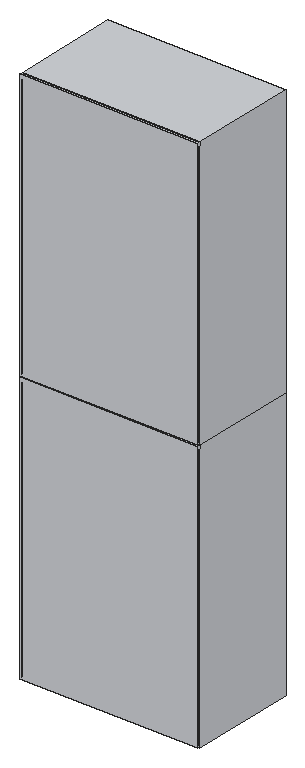
Revit family "LSN Configuration-A", category Electrical Equipment, host Face, Revit 2021 (continued)
Definition of nested family "LSN-1"
  Definition of nested family "Door"
    Lines and regions (in)
      model lines
        curve 486: line (-3.80498, -0.5, 38.43688) -> (-3.80498, -0.5, 41.43688)
        curve 487: line (-3.55498, -0.5, 38.43688) -> (-3.80498, -0.5, 38.43688)
        curve 488: line (-3.55498, -0.5, 41.43688) -> (-3.55498, -0.5, 38.43688)
        curve 489: line (-3.23866, -0.5, 41.43688) -> (-2.98866, -0.5, 41.43688)
        curve 490: line (-3.23866, -0.5, 38.43688) -> (-3.23866, -0.5, 41.43688)
        curve 491: line (-2.98866, -0.5, 38.43688) -> (-3.23866, -0.5, 38.43688)
        curve 492: line (-2.98866, -0.5, 41.43688) -> (-2.98866, -0.5, 38.43688)
        curve 493: line (-2.67233, -0.5, 41.43688) -> (-2.42233, -0.5, 41.43688)
        curve 494: line (-2.67233, -0.5, 38.43688) -> (-2.67233, -0.5, 41.43688)
        curve 495: line (-2.42233, -0.5, 38.43688) -> (-2.67233, -0.5, 38.43688)
        curve 496: line (-2.42233, -0.5, 41.43688) -> (-2.42233, -0.5, 38.43688)
        curve 497: line (-2.106, -0.5, 41.43688) -> (-1.856, -0.5, 41.43688)
        curve 498: line (-2.106, -0.5, 38.43688) -> (-2.106, -0.5, 41.43688)
        curve 499: line (-1.856, -0.5, 38.43688) -> (-2.106, -0.5, 38.43688)
        curve 500: line (-1.856, -0.5, 41.43688) -> (-1.856, -0.5, 38.43688)
        curve 501: line (-1.53968, -0.5, 41.43688) -> (-1.28968, -0.5, 41.43688)
        curve 502: line (-1.53968, -0.5, 38.43688) -> (-1.53968, -0.5, 41.43688)
        curve 503: line (-1.28968, -0.5, 38.43688) -> (-1.53968, -0.5, 38.43688)
        curve 504: line (-1.28968, -0.5, 41.43688) -> (-1.28968, -0.5, 38.43688)
        curve 505: line (-0.97335, -0.5, 41.43688) -> (-0.72335, -0.5, 41.43688)
        curve 506: line (-0.97335, -0.5, 38.43688) -> (-0.97335, -0.5, 41.43688)
        curve 507: line (-0.72335, -0.5, 38.43688) -> (-0.97335, -0.5, 38.43688)
        curve 508: line (-0.72335, -0.5, 41.43688) -> (-0.72335, -0.5, 38.43688)
        curve 509: line (-0.40702, -0.5, 41.43688) -> (-0.15702, -0.5, 41.43688)
        curve 510: line (-0.40702, -0.5, 38.43688) -> (-0.40702, -0.5, 41.43688)
        curve 511: line (-0.15702, -0.5, 38.43688) -> (-0.40702, -0.5, 38.43688)
        curve 512: line (-0.15702, -0.5, 41.43688) -> (-0.15702, -0.5, 38.43688)
        curve 513: line (0.1593, -0.5, 41.43688) -> (0.4093, -0.5, 41.43688)
        curve 514: line (0.1593, -0.5, 38.43688) -> (0.1593, -0.5, 41.43688)
        curve 515: line (0.4093, -0.5, 38.43688) -> (0.1593, -0.5, 38.43688)
        curve 516: line (0.4093, -0.5, 41.43688) -> (0.4093, -0.5, 38.43688)
        curve 517: line (0.72563, -0.5, 41.43688) -> (0.97563, -0.5, 41.43688)
        curve 518: line (0.72563, -0.5, 38.43688) -> (0.72563, -0.5, 41.43688)
        curve 519: line (0.97563, -0.5, 38.43688) -> (0.72563, -0.5, 38.43688)
        curve 520: line (0.97563, -0.5, 41.43688) -> (0.97563, -0.5, 38.43688)
        curve 521: line (1.29196, -0.5, 41.43688) -> (1.54196, -0.5, 41.43688)
        curve 522: line (1.29196, -0.5, 38.43688) -> (1.29196, -0.5, 41.43688)
        curve 523: line (1.54196, -0.5, 38.43688) -> (1.29196, -0.5, 38.43688)
        curve 524: line (1.54196, -0.5, 41.43688) -> (1.54196, -0.5, 38.43688)
        curve 525: line (1.85828, -0.5, 41.43688) -> (2.10828, -0.5, 41.43688)
        curve 526: line (1.85828, -0.5, 38.43688) -> (1.85828, -0.5, 41.43688)
        curve 527: line (2.10828, -0.5, 38.43688) -> (1.85828, -0.5, 38.43688)
        curve 528: line (2.10828, -0.5, 41.43688) -> (2.10828, -0.5, 38.43688)
        curve 529: line (2.42461, -0.5, 41.43688) -> (2.67461, -0.5, 41.43688)
        curve 530: line (2.42461, -0.5, 38.43688) -> (2.42461, -0.5, 41.43688)
        curve 531: line (2.67461, -0.5, 38.43688) -> (2.42461, -0.5, 38.43688)
        curve 532: line (2.67461, -0.5, 41.43688) -> (2.67461, -0.5, 38.43688)
        curve 533: line (2.99094, -0.5, 41.43688) -> (3.24094, -0.5, 41.43688)
        curve 534: line (2.99094, -0.5, 38.43688) -> (2.99094, -0.5, 41.43688)
        curve 535: line (3.24094, -0.5, 38.43688) -> (2.99094, -0.5, 38.43688)
        curve 536: line (3.24094, -0.5, 41.43688) -> (3.24094, -0.5, 38.43688)
        curve 537: line (3.55726, -0.5, 41.43688) -> (3.80726, -0.5, 41.43688)
        curve 538: line (3.55726, -0.5, 38.43688) -> (3.55726, -0.5, 41.43688)
        curve 539: line (3.80726, -0.5, 38.43688) -> (3.55726, -0.5, 38.43688)
        curve 540: line (3.80726, -0.5, 41.43688) -> (3.80726, -0.5, 38.43688)
        curve 541: line (4.12359, -0.5, 41.43688) -> (4.37359, -0.5, 41.43688)
        curve 542: line (4.12359, -0.5, 38.43688) -> (4.12359, -0.5, 41.43688)
        curve 543: line (4.37359, -0.5, 38.43688) -> (4.12359, -0.5, 38.43688)
        curve 544: line (4.37359, -0.5, 41.43688) -> (4.37359, -0.5, 38.43688)
        curve 545: line (4.68992, -0.5, 41.43688) -> (4.93992, -0.5, 41.43688)
        curve 546: line (4.68992, -0.5, 38.43688) -> (4.68992, -0.5, 41.43688)
        curve 547: line (4.93992, -0.5, 38.43688) -> (4.68992, -0.5, 38.43688)
        curve 548: line (4.93992, -0.5, 41.43688) -> (4.93992, -0.5, 38.43688)
        curve 549: line (5.25624, -0.5, 41.43688) -> (5.50624, -0.5, 41.43688)
        curve 550: line (5.25624, -0.5, 38.43688) -> (5.25624, -0.5, 41.43688)
        curve 551: line (5.50624, -0.5, 38.43688) -> (5.25624, -0.5, 38.43688)
        curve 552: line (5.50624, -0.5, 41.43688) -> (5.50624, -0.5, 38.43688)
        curve 553: line (5.82257, -0.5, 41.43688) -> (6.07257, -0.5, 41.43688)
        curve 554: line (5.82257, -0.5, 38.43688) -> (5.82257, -0.5, 41.43688)
        curve 555: line (6.07257, -0.5, 38.43688) -> (5.82257, -0.5, 38.43688)
        curve 556: line (6.07257, -0.5, 41.43688) -> (6.07257, -0.5, 38.43688)
        curve 557: line (6.3889, -0.5, 41.43688) -> (6.6389, -0.5, 41.43688)
        curve 558: line (6.3889, -0.5, 38.43688) -> (6.3889, -0.5, 41.43688)
        curve 559: line (6.6389, -0.5, 38.43688) -> (6.3889, -0.5, 38.43688)
        curve 560: line (6.6389, -0.5, 41.43688) -> (6.6389, -0.5, 38.43688)
        curve 561: line (6.95522, -0.5, 41.43688) -> (7.20522, -0.5, 41.43688)
        curve 562: line (6.95522, -0.5, 38.43688) -> (6.95522, -0.5, 41.43688)
        curve 563: line (7.20522, -0.5, 38.43688) -> (6.95522, -0.5, 38.43688)
        curve 564: line (7.20522, -0.5, 41.43688) -> (7.20522, -0.5, 38.43688)
        curve 565: line (7.52155, -0.5, 41.43688) -> (7.77155, -0.5, 41.43688)
        curve 566: line (7.52155, -0.5, 38.43688) -> (7.52155, -0.5, 41.43688)
        curve 567: line (7.77155, -0.5, 38.43688) -> (7.52155, -0.5, 38.43688)
        curve 568: line (7.77155, -0.5, 41.43688) -> (7.77155, -0.5, 38.43688)
        curve 569: line (8.08788, -0.5, 41.43688) -> (8.33788, -0.5, 41.43688)
        curve 570: line (8.08788, -0.5, 38.43688) -> (8.08788, -0.5, 41.43688)
        curve 571: line (8.33788, -0.5, 38.43688) -> (8.08788, -0.5, 38.43688)
        curve 572: line (8.33788, -0.5, 41.43688) -> (8.33788, -0.5, 38.43688)
        curve 573: line (8.6542, -0.5, 41.43688) -> (8.9042, -0.5, 41.43688)
        curve 574: line (8.6542, -0.5, 38.43688) -> (8.6542, -0.5, 41.43688)
        curve 575: line (8.9042, -0.5, 38.43688) -> (8.6542, -0.5, 38.43688)
        curve 576: line (8.9042, -0.5, 41.43688) -> (8.9042, -0.5, 38.43688)
        curve 577: line (9.22053, -0.5, 41.43688) -> (9.47053, -0.5, 41.43688)
        curve 578: line (9.22053, -0.5, 38.43688) -> (9.22053, -0.5, 41.43688)
        curve 579: line (9.47053, -0.5, 38.43688) -> (9.22053, -0.5, 38.43688)
        curve 580: line (9.47053, -0.5, 41.43688) -> (9.47053, -0.5, 38.43688)
        curve 581: line (9.78685, -0.5, 41.43688) -> (10.03685, -0.5, 41.43688)
        curve 582: line (9.78685, -0.5, 38.43688) -> (9.78685, -0.5, 41.43688)
        curve 583: line (10.03685, -0.5, 38.43688) -> (9.78685, -0.5, 38.43688)
        curve 584: line (10.03685, -0.5, 41.43688) -> (10.03685, -0.5, 38.43688)
        curve 585: line (10.35318, -0.5, 41.43688) -> (10.60318, -0.5, 41.43688)
        curve 586: line (10.35318, -0.5, 38.43688) -> (10.35318, -0.5, 41.43688)
        curve 587: line (10.60318, -0.5, 38.43688) -> (10.35318, -0.5, 38.43688)
        curve 588: line (10.60318, -0.5, 41.43688) -> (10.60318, -0.5, 38.43688)
        curve 589: line (10.91951, -0.5, 41.43688) -> (11.16951, -0.5, 41.43688)
        curve 590: line (10.91951, -0.5, 38.43688) -> (10.91951, -0.5, 41.43688)
        curve 591: line (11.16951, -0.5, 38.43688) -> (10.91951, -0.5, 38.43688)
        curve 592: line (11.16951, -0.5, 41.43688) -> (11.16951, -0.5, 38.43688)
        curve 593: line (11.48583, -0.5, 41.43688) -> (11.73583, -0.5, 41.43688)
        curve 594: line (11.48583, -0.5, 38.43688) -> (11.48583, -0.5, 41.43688)
        curve 595: line (11.73583, -0.5, 38.43688) -> (11.48583, -0.5, 38.43688)
        curve 596: line (11.73583, -0.5, 41.43688) -> (11.73583, -0.5, 38.43688)
        curve 597: line (12.05216, -0.5, 41.43688) -> (12.30216, -0.5, 41.43688)
        curve 598: line (12.05216, -0.5, 38.43688) -> (12.05216, -0.5, 41.43688)
        curve 599: line (12.30216, -0.5, 38.43688) -> (12.05216, -0.5, 38.43688)
        curve 600: line (12.30216, -0.5, 41.43688) -> (12.30216, -0.5, 38.43688)
        curve 601: line (12.61849, -0.5, 41.43688) -> (12.86849, -0.5, 41.43688)
        curve 602: line (12.61849, -0.5, 38.43688) -> (12.61849, -0.5, 41.43688)
        curve 603: line (12.86849, -0.5, 38.43688) -> (12.61849, -0.5, 38.43688)
        curve 604: line (12.86849, -0.5, 41.43688) -> (12.86849, -0.5, 38.43688)
        curve 605: line (13.18481, -0.5, 41.43688) -> (13.43481, -0.5, 41.43688)
        curve 606: line (13.18481, -0.5, 38.43688) -> (13.18481, -0.5, 41.43688)
        curve 607: line (13.43481, -0.5, 38.43688) -> (13.18481, -0.5, 38.43688)
        curve 608: line (13.43481, -0.5, 41.43688) -> (13.43481, -0.5, 38.43688)
        curve 609: line (-13.99886, -0.5, 44.81188) -> (-13.74886, -0.5, 44.81188)
        curve 610: line (-13.99886, -0.5, 41.81188) -> (-13.99886, -0.5, 44.81188)
        curve 611: line (-13.74886, -0.5, 41.81188) -> (-13.99886, -0.5, 41.81188)
        curve 612: line (-13.74886, -0.5, 44.81188) -> (-13.74886, -0.5, 41.81188)
        curve 613: line (13.75114, -0.5, 44.81188) -> (14.00114, -0.5, 44.81188)
        curve 614: line (13.75114, -0.5, 41.81188) -> (13.75114, -0.5, 44.81188)
        curve 615: line (14.00114, -0.5, 41.81188) -> (13.75114, -0.5, 41.81188)
        curve 616: line (14.00114, -0.5, 44.81188) -> (14.00114, -0.5, 41.81188)
        curve 617: line (-13.43253, -0.5, 44.81188) -> (-13.18253, -0.5, 44.81188)
        curve 618: line (-13.43253, -0.5, 41.81188) -> (-13.43253, -0.5, 44.81188)
        curve 619: line (-13.18253, -0.5, 41.81188) -> (-13.43253, -0.5, 41.81188)
        curve 620: line (-13.18253, -0.5, 44.81188) -> (-13.18253, -0.5, 41.81188)
        curve 621: line (-12.86621, -0.5, 44.81188) -> (-12.61621, -0.5, 44.81188)
        curve 622: line (-12.86621, -0.5, 41.81188) -> (-12.86621, -0.5, 44.81188)
        curve 623: line (-12.61621, -0.5, 41.81188) -> (-12.86621, -0.5, 41.81188)
        curve 624: line (-12.61621, -0.5, 44.81188) -> (-12.61621, -0.5, 41.81188)
        curve 625: line (-12.29988, -0.5, 44.81188) -> (-12.04988, -0.5, 44.81188)
        curve 626: line (-12.29988, -0.5, 41.81188) -> (-12.29988, -0.5, 44.81188)
        curve 627: line (-12.04988, -0.5, 41.81188) -> (-12.29988, -0.5, 41.81188)
        curve 628: line (-12.04988, -0.5, 44.81188) -> (-12.04988, -0.5, 41.81188)
        curve 629: line (-11.73355, -0.5, 44.81188) -> (-11.48355, -0.5, 44.81188)
        curve 630: line (-11.73355, -0.5, 41.81188) -> (-11.73355, -0.5, 44.81188)
        curve 631: line (-11.48355, -0.5, 41.81188) -> (-11.73355, -0.5, 41.81188)
        curve 632: line (-11.48355, -0.5, 44.81188) -> (-11.48355, -0.5, 41.81188)
        curve 633: line (-11.16723, -0.5, 44.81188) -> (-10.91723, -0.5, 44.81188)
        curve 634: line (-11.16723, -0.5, 41.81188) -> (-11.16723, -0.5, 44.81188)
        curve 635: line (-10.91723, -0.5, 41.81188) -> (-11.16723, -0.5, 41.81188)
        curve 636: line (-10.91723, -0.5, 44.81188) -> (-10.91723, -0.5, 41.81188)
        curve 637: line (-10.6009, -0.5, 44.81188) -> (-10.3509, -0.5, 44.81188)
        curve 638: line (-10.6009, -0.5, 41.81188) -> (-10.6009, -0.5, 44.81188)
        curve 639: line (-10.3509, -0.5, 41.81188) -> (-10.6009, -0.5, 41.81188)
        curve 640: line (-10.3509, -0.5, 44.81188) -> (-10.3509, -0.5, 41.81188)
        curve 641: line (-10.03457, -0.5, 44.81188) -> (-9.78457, -0.5, 44.81188)
        curve 642: line (-10.03457, -0.5, 41.81188) -> (-10.03457, -0.5, 44.81188)
        curve 643: line (-9.78457, -0.5, 41.81188) -> (-10.03457, -0.5, 41.81188)
        curve 644: line (-9.78457, -0.5, 44.81188) -> (-9.78457, -0.5, 41.81188)
        curve 645: line (-9.46825, -0.5, 44.81188) -> (-9.21825, -0.5, 44.81188)
        curve 646: line (-9.46825, -0.5, 41.81188) -> (-9.46825, -0.5, 44.81188)
        curve 647: line (-9.21825, -0.5, 41.81188) -> (-9.46825, -0.5, 41.81188)
        curve 648: line (-9.21825, -0.5, 44.81188) -> (-9.21825, -0.5, 41.81188)
        curve 649: line (-8.90192, -0.5, 44.81188) -> (-8.65192, -0.5, 44.81188)
        curve 650: line (-8.90192, -0.5, 41.81188) -> (-8.90192, -0.5, 44.81188)
        curve 651: line (-8.65192, -0.5, 41.81188) -> (-8.90192, -0.5, 41.81188)
        curve 652: line (-8.65192, -0.5, 44.81188) -> (-8.65192, -0.5, 41.81188)
        curve 653: line (-8.33559, -0.5, 44.81188) -> (-8.08559, -0.5, 44.81188)
        curve 654: line (-8.33559, -0.5, 41.81188) -> (-8.33559, -0.5, 44.81188)
        curve 655: line (-8.08559, -0.5, 41.81188) -> (-8.33559, -0.5, 41.81188)
        curve 656: line (-8.08559, -0.5, 44.81188) -> (-8.08559, -0.5, 41.81188)
        curve 657: line (-7.76927, -0.5, 44.81188) -> (-7.51927, -0.5, 44.81188)
        curve 658: line (-7.76927, -0.5, 41.81188) -> (-7.76927, -0.5, 44.81188)
        curve 659: line (-7.51927, -0.5, 41.81188) -> (-7.76927, -0.5, 41.81188)
        curve 660: line (-7.51927, -0.5, 44.81188) -> (-7.51927, -0.5, 41.81188)
        curve 661: line (-7.20294, -0.5, 44.81188) -> (-6.95294, -0.5, 44.81188)
        curve 662: line (-7.20294, -0.5, 41.81188) -> (-7.20294, -0.5, 44.81188)
        curve 663: line (-6.95294, -0.5, 41.81188) -> (-7.20294, -0.5, 41.81188)
        curve 664: line (-6.95294, -0.5, 44.81188) -> (-6.95294, -0.5, 41.81188)
        curve 665: line (-6.63661, -0.5, 44.81188) -> (-6.38661, -0.5, 44.81188)
        curve 666: line (-6.63661, -0.5, 41.81188) -> (-6.63661, -0.5, 44.81188)
        curve 667: line (-6.38661, -0.5, 41.81188) -> (-6.63661, -0.5, 41.81188)
        curve 668: line (-6.38661, -0.5, 44.81188) -> (-6.38661, -0.5, 41.81188)
        curve 669: line (-6.07029, -0.5, 44.81188) -> (-5.82029, -0.5, 44.81188)
        curve 670: line (-6.07029, -0.5, 41.81188) -> (-6.07029, -0.5, 44.81188)
        curve 671: line (-5.82029, -0.5, 41.81188) -> (-6.07029, -0.5, 41.81188)
        curve 672: line (-5.82029, -0.5, 44.81188) -> (-5.82029, -0.5, 41.81188)
        curve 673: line (-5.50396, -0.5, 44.81188) -> (-5.25396, -0.5, 44.81188)
        curve 674: line (-5.50396, -0.5, 41.81188) -> (-5.50396, -0.5, 44.81188)
        curve 675: line (-5.25396, -0.5, 41.81188) -> (-5.50396, -0.5, 41.81188)
        curve 676: line (-5.25396, -0.5, 44.81188) -> (-5.25396, -0.5, 41.81188)
        curve 677: line (-4.93764, -0.5, 44.81188) -> (-4.68764, -0.5, 44.81188)
        curve 678: line (-4.93764, -0.5, 41.81188) -> (-4.93764, -0.5, 44.81188)
        curve 679: line (-4.68764, -0.5, 41.81188) -> (-4.93764, -0.5, 41.81188)
        curve 680: line (-4.68764, -0.5, 44.81188) -> (-4.68764, -0.5, 41.81188)
        curve 681: line (-4.37131, -0.5, 44.81188) -> (-4.12131, -0.5, 44.81188)
        curve 682: line (-4.37131, -0.5, 41.81188) -> (-4.37131, -0.5, 44.81188)
        curve 683: line (-4.12131, -0.5, 41.81188) -> (-4.37131, -0.5, 41.81188)
        curve 684: line (-4.12131, -0.5, 44.81188) -> (-4.12131, -0.5, 41.81188)
        curve 685: line (-3.80498, -0.5, 44.81188) -> (-3.55498, -0.5, 44.81188)
        curve 686: line (-3.80498, -0.5, 41.81188) -> (-3.80498, -0.5, 44.81188)
        curve 687: line (-3.55498, -0.5, 41.81188) -> (-3.80498, -0.5, 41.81188)
        curve 688: line (-3.55498, -0.5, 44.81188) -> (-3.55498, -0.5, 41.81188)
        curve 689: line (-3.23866, -0.5, 44.81188) -> (-2.98866, -0.5, 44.81188)
        curve 690: line (-3.23866, -0.5, 41.81188) -> (-3.23866, -0.5, 44.81188)
        curve 691: line (-2.98866, -0.5, 41.81188) -> (-3.23866, -0.5, 41.81188)
        curve 692: line (-2.98866, -0.5, 44.81188) -> (-2.98866, -0.5, 41.81188)
        curve 693: line (-2.67233, -0.5, 44.81188) -> (-2.42233, -0.5, 44.81188)
        curve 694: line (-2.67233, -0.5, 41.81188) -> (-2.67233, -0.5, 44.81188)
        curve 695: line (-2.42233, -0.5, 41.81188) -> (-2.67233, -0.5, 41.81188)
        curve 696: line (-2.42233, -0.5, 44.81188) -> (-2.42233, -0.5, 41.81188)
        curve 697: line (-2.106, -0.5, 44.81188) -> (-1.856, -0.5, 44.81188)
        curve 698: line (-2.106, -0.5, 41.81188) -> (-2.106, -0.5, 44.81188)
        curve 699: line (-1.856, -0.5, 41.81188) -> (-2.106, -0.5, 41.81188)
        curve 700: line (-1.856, -0.5, 44.81188) -> (-1.856, -0.5, 41.81188)
        curve 701: line (-1.53968, -0.5, 44.81188) -> (-1.28968, -0.5, 44.81188)
        curve 702: line (-1.53968, -0.5, 41.81188) -> (-1.53968, -0.5, 44.81188)
        curve 703: line (-1.28968, -0.5, 41.81188) -> (-1.53968, -0.5, 41.81188)
        curve 704: line (-1.28968, -0.5, 44.81188) -> (-1.28968, -0.5, 41.81188)
        curve 705: line (-0.97335, -0.5, 44.81188) -> (-0.72335, -0.5, 44.81188)
        curve 706: line (-0.97335, -0.5, 41.81188) -> (-0.97335, -0.5, 44.81188)
        curve 707: line (-0.72335, -0.5, 41.81188) -> (-0.97335, -0.5, 41.81188)
        curve 708: line (-0.72335, -0.5, 44.81188) -> (-0.72335, -0.5, 41.81188)
        curve 709: line (-0.40702, -0.5, 44.81188) -> (-0.15702, -0.5, 44.81188)
        curve 710: line (-0.40702, -0.5, 41.81188) -> (-0.40702, -0.5, 44.81188)
        curve 711: line (-0.15702, -0.5, 41.81188) -> (-0.40702, -0.5, 41.81188)
        curve 712: line (-0.15702, -0.5, 44.81188) -> (-0.15702, -0.5, 41.81188)
        curve 713: line (0.1593, -0.5, 44.81188) -> (0.4093, -0.5, 44.81188)
        curve 714: line (0.1593, -0.5, 41.81188) -> (0.1593, -0.5, 44.81188)
        curve 715: line (0.4093, -0.5, 41.81188) -> (0.1593, -0.5, 41.81188)
        curve 716: line (0.4093, -0.5, 44.81188) -> (0.4093, -0.5, 41.81188)
        curve 717: line (0.72563, -0.5, 44.81188) -> (0.97563, -0.5, 44.81188)
        curve 718: line (0.72563, -0.5, 41.81188) -> (0.72563, -0.5, 44.81188)
        curve 719: line (0.97563, -0.5, 41.81188) -> (0.72563, -0.5, 41.81188)
        curve 720: line (0.97563, -0.5, 44.81188) -> (0.97563, -0.5, 41.81188)
        curve 721: line (1.29196, -0.5, 44.81188) -> (1.54196, -0.5, 44.81188)
        curve 722: line (1.29196, -0.5, 41.81188) -> (1.29196, -0.5, 44.81188)
        curve 723: line (1.54196, -0.5, 41.81188) -> (1.29196, -0.5, 41.81188)
        curve 724: line (1.54196, -0.5, 44.81188) -> (1.54196, -0.5, 41.81188)
        curve 725: line (1.85828, -0.5, 44.81188) -> (2.10828, -0.5, 44.81188)
        curve 726: line (1.85828, -0.5, 41.81188) -> (1.85828, -0.5, 44.81188)
        curve 727: line (2.10828, -0.5, 41.81188) -> (1.85828, -0.5, 41.81188)
        curve 728: line (2.10828, -0.5, 44.81188) -> (2.10828, -0.5, 41.81188)
        curve 729: line (2.42461, -0.5, 44.81188) -> (2.67461, -0.5, 44.81188)
        curve 730: line (2.42461, -0.5, 41.81188) -> (2.42461, -0.5, 44.81188)
        curve 731: line (2.67461, -0.5, 41.81188) -> (2.42461, -0.5, 41.81188)
        curve 732: line (2.67461, -0.5, 44.81188) -> (2.67461, -0.5, 41.81188)
        curve 733: line (2.99094, -0.5, 44.81188) -> (3.24094, -0.5, 44.81188)
        curve 734: line (2.99094, -0.5, 41.81188) -> (2.99094, -0.5, 44.81188)
        curve 735: line (3.24094, -0.5, 41.81188) -> (2.99094, -0.5, 41.81188)
        curve 736: line (3.24094, -0.5, 44.81188) -> (3.24094, -0.5, 41.81188)
        curve 737: line (3.55726, -0.5, 44.81188) -> (3.80726, -0.5, 44.81188)
        curve 738: line (3.55726, -0.5, 41.81188) -> (3.55726, -0.5, 44.81188)
        curve 739: line (3.80726, -0.5, 41.81188) -> (3.55726, -0.5, 41.81188)
        curve 740: line (3.80726, -0.5, 44.81188) -> (3.80726, -0.5, 41.81188)
        curve 741: line (4.12359, -0.5, 44.81188) -> (4.37359, -0.5, 44.81188)
        curve 742: line (4.12359, -0.5, 41.81188) -> (4.12359, -0.5, 44.81188)
        curve 743: line (4.37359, -0.5, 41.81188) -> (4.12359, -0.5, 41.81188)
        curve 744: line (4.37359, -0.5, 44.81188) -> (4.37359, -0.5, 41.81188)
        curve 745: line (4.68992, -0.5, 44.81188) -> (4.93992, -0.5, 44.81188)
        curve 746: line (4.68992, -0.5, 41.81188) -> (4.68992, -0.5, 44.81188)
        curve 747: line (4.93992, -0.5, 41.81188) -> (4.68992, -0.5, 41.81188)
        curve 748: line (4.93992, -0.5, 44.81188) -> (4.93992, -0.5, 41.81188)
        curve 749: line (5.25624, -0.5, 44.81188) -> (5.50624, -0.5, 44.81188)
        curve 750: line (5.25624, -0.5, 41.81188) -> (5.25624, -0.5, 44.81188)
        curve 751: line (5.50624, -0.5, 41.81188) -> (5.25624, -0.5, 41.81188)
        curve 752: line (5.50624, -0.5, 44.81188) -> (5.50624, -0.5, 41.81188)
        curve 753: line (5.82257, -0.5, 44.81188) -> (6.07257, -0.5, 44.81188)
        curve 754: line (5.82257, -0.5, 41.81188) -> (5.82257, -0.5, 44.81188)
        curve 755: line (6.07257, -0.5, 41.81188) -> (5.82257, -0.5, 41.81188)
        curve 756: line (6.07257, -0.5, 44.81188) -> (6.07257, -0.5, 41.81188)
        curve 757: line (6.3889, -0.5, 44.81188) -> (6.6389, -0.5, 44.81188)
        curve 758: line (6.3889, -0.5, 41.81188) -> (6.3889, -0.5, 44.81188)
        curve 759: line (6.6389, -0.5, 41.81188) -> (6.3889, -0.5, 41.81188)
        curve 760: line (6.6389, -0.5, 44.81188) -> (6.6389, -0.5, 41.81188)
        curve 761: line (6.95522, -0.5, 44.81188) -> (7.20522, -0.5, 44.81188)
        curve 762: line (6.95522, -0.5, 41.81188) -> (6.95522, -0.5, 44.81188)
        curve 763: line (7.20522, -0.5, 41.81188) -> (6.95522, -0.5, 41.81188)
        curve 764: line (7.20522, -0.5, 44.81188) -> (7.20522, -0.5, 41.81188)
        curve 765: line (7.52155, -0.5, 44.81188) -> (7.77155, -0.5, 44.81188)
        curve 766: line (7.52155, -0.5, 41.81188) -> (7.52155, -0.5, 44.81188)
        curve 767: line (7.77155, -0.5, 41.81188) -> (7.52155, -0.5, 41.81188)
        curve 768: line (7.77155, -0.5, 44.81188) -> (7.77155, -0.5, 41.81188)
        curve 769: line (8.08788, -0.5, 44.81188) -> (8.33788, -0.5, 44.81188)
        curve 770: line (8.08788, -0.5, 41.81188) -> (8.08788, -0.5, 44.81188)
        curve 771: line (8.33788, -0.5, 41.81188) -> (8.08788, -0.5, 41.81188)
        curve 772: line (8.33788, -0.5, 44.81188) -> (8.33788, -0.5, 41.81188)
        curve 773: line (8.6542, -0.5, 44.81188) -> (8.9042, -0.5, 44.81188)
        curve 774: line (8.6542, -0.5, 41.81188) -> (8.6542, -0.5, 44.81188)
        curve 775: line (8.9042, -0.5, 41.81188) -> (8.6542, -0.5, 41.81188)
        curve 776: line (8.9042, -0.5, 44.81188) -> (8.9042, -0.5, 41.81188)
        curve 777: line (9.22053, -0.5, 44.81188) -> (9.47053, -0.5, 44.81188)
        curve 778: line (9.22053, -0.5, 41.81188) -> (9.22053, -0.5, 44.81188)
        curve 779: line (9.47053, -0.5, 41.81188) -> (9.22053, -0.5, 41.81188)
        curve 780: line (9.47053, -0.5, 44.81188) -> (9.47053, -0.5, 41.81188)
        curve 781: line (9.78685, -0.5, 44.81188) -> (10.03685, -0.5, 44.81188)
        curve 782: line (9.78685, -0.5, 41.81188) -> (9.78685, -0.5, 44.81188)
        curve 783: line (10.03685, -0.5, 41.81188) -> (9.78685, -0.5, 41.81188)
        curve 784: line (10.03685, -0.5, 44.81188) -> (10.03685, -0.5, 41.81188)
        curve 785: line (10.35318, -0.5, 44.81188) -> (10.60318, -0.5, 44.81188)
        curve 786: line (10.35318, -0.5, 41.81188) -> (10.35318, -0.5, 44.81188)
        curve 787: line (10.60318, -0.5, 41.81188) -> (10.35318, -0.5, 41.81188)
        curve 788: line (10.60318, -0.5, 44.81188) -> (10.60318, -0.5, 41.81188)
        curve 789: line (10.91951, -0.5, 44.81188) -> (11.16951, -0.5, 44.81188)
        curve 790: line (10.91951, -0.5, 41.81188) -> (10.91951, -0.5, 44.81188)
        curve 791: line (11.16951, -0.5, 41.81188) -> (10.91951, -0.5, 41.81188)
        curve 792: line (11.16951, -0.5, 44.81188) -> (11.16951, -0.5, 41.81188)
        curve 793: line (11.48583, -0.5, 44.81188) -> (11.73583, -0.5, 44.81188)
        curve 794: line (11.48583, -0.5, 41.81188) -> (11.48583, -0.5, 44.81188)
        curve 795: line (11.73583, -0.5, 41.81188) -> (11.48583, -0.5, 41.81188)
        curve 796: line (11.73583, -0.5, 44.81188) -> (11.73583, -0.5, 41.81188)
        curve 797: line (12.05216, -0.5, 44.81188) -> (12.30216, -0.5, 44.81188)
        curve 798: line (12.05216, -0.5, 41.81188) -> (12.05216, -0.5, 44.81188)
        curve 799: line (12.30216, -0.5, 41.81188) -> (12.05216, -0.5, 41.81188)
        curve 800: line (12.30216, -0.5, 44.81188) -> (12.30216, -0.5, 41.81188)
        curve 801: line (12.61849, -0.5, 44.81188) -> (12.86849, -0.5, 44.81188)
        curve 802: line (12.61849, -0.5, 41.81188) -> (12.61849, -0.5, 44.81188)
        curve 803: line (12.86849, -0.5, 41.81188) -> (12.61849, -0.5, 41.81188)
        curve 804: line (12.86849, -0.5, 44.81188) -> (12.86849, -0.5, 41.81188)
        curve 805: line (13.18481, -0.5, 44.81188) -> (13.43481, -0.5, 44.81188)
        curve 806: line (13.18481, -0.5, 41.81188) -> (13.18481, -0.5, 44.81188)
        curve 807: line (13.43481, -0.5, 41.81188) -> (13.18481, -0.5, 41.81188)
        curve 808: line (13.43481, -0.5, 44.81188) -> (13.43481, -0.5, 41.81188)
    Dimensions and locks (in)
      equal spacing: plane 5, plane 3 "Center (Left/Right)", plane 4
      "Length": plane 5 to plane 4
      plane 1 "Center (Front/Back)" to plane 6 = 0.50"
      plane 7 to plane 6 = 0.10"
      "Height": plane 8 to level
      plane 8 to plane 10 = 0.50"
      plane 1 "Center (Front/Back)" to Extrusion 2 = 0.40"
      locked: plane 4 to plane 12 at 0.2
      locked: plane 11 to plane 5 at 0.2
      locked: plane 13 to plane 2 at 0.29688
      equal spacing: group 2, group 4, group 5, group 6, group 7, group 8, group 9, group 10, group 11, group 12, group 13, group 14, group 15, group 16, group 17, group 18, group 19, group 20, group 21, group 22, group 23, group 24, group 25, group 26, group 27, group 28, group 29, group 30, group 31, group 32, group 33, group 34, group 35, group 36, group 37, group 38, group 39, group 40, group 41, group 42, group 43, group 44, group 45, group 46, group 47, group 48, group 49, group 50, group 51, group 3  (x3)
      aligned and locked: plane 2 to level
      aligned and locked: Extrusion 1 sketch curve to plane 8
      aligned and locked: Extrusion 1 sketch curve to plane 6
      aligned and locked: plane 7 to Extrusion 1 sketch curve
      aligned and locked: plane 1 "Center (Front/Back)" to Extrusion 1 sketch curve
      aligned and locked: Extrusion 1 to plane 10
      aligned and locked: plane 9 to Extrusion 1
      aligned and locked: Extrusion 1 to plane 5
      aligned and locked: plane 4 to Extrusion 1
      aligned and locked: Extrusion 2 sketch curve to plane 11
      aligned and locked: plane 1 "Center (Front/Back)" to Extrusion 2 sketch curve
      aligned and locked: Extrusion 2 sketch curve to plane 12
      aligned and locked: plane 10 to Extrusion 2
      aligned and locked: Extrusion 2 to plane 9
      aligned and locked: Extrusion 2 sketch curve to plane 7  (x2)
    Automatic sketch dimensions
      curve 1 to plane 5 = 0.00"
      plane 6 to curve 2 = 0.00"
      plane 4 to curve 2 = 3.75"
      curve 1 to curve 1 = 1.75"
      Extrusion 3 sketch curve to Extrusion 3 sketch curve = 0.25"
      Extrusion 3 sketch curve to Extrusion 3 sketch curve = 3.00"
      Extrusion 1 sketch curve to plane 1 "Center (Front/Back)" = 0.00"
      Extrusion 1 sketch curve to plane 9 = 0.00"
      Extrusion 1 sketch curve to plane 10 = 0.00"
      curve 3 to curve 5 = 7.50"
      curve 7 to curve 3 = 4.46342"
      curve 6 to curve 4 = 1.26497"
      curve 4 to curve 6 = 13.50"
      Extrusion 2 sketch curve to plane 5 = 0.00"
      Extrusion 2 sketch curve to plane 4 = 0.00"
      plane 1 "Center (Front/Back)" to Extrusion 2 sketch curve = 0.00"
      curve 6 to plane 3 "Center (Left/Right)" = 0.00"
      plane 11 to curve 7 = 1.96352"
      curve 7 to plane 10 = 21.11695"
      plane 12 to curve 3 = 1.30"
      level to Extrusion 1 sketch curve = 0.29688"
      radius of curve 6 = 0.50"
      radius of curve 7 = 0.50"
